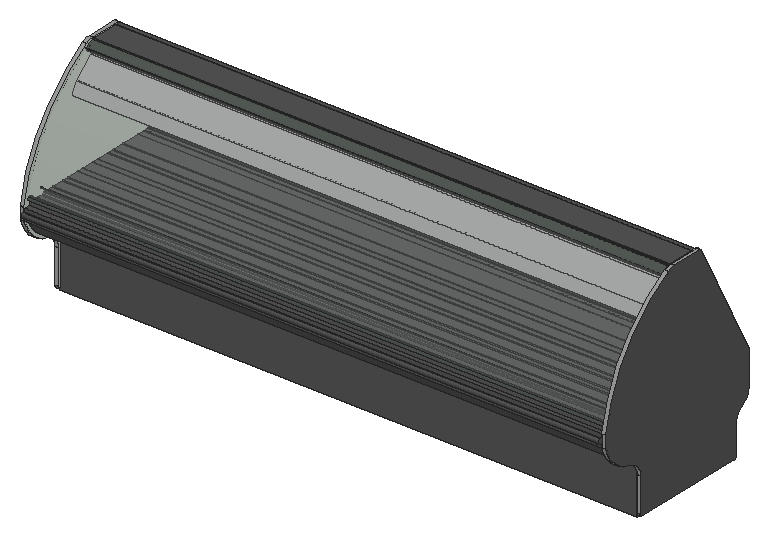
Revit family "ESGM_2014", category Specialty Equipment, Revit 2014 (continued)
Connectors (in)
  piping at (-5.05699, -26.25, 14.2), diameter 1.5, driven by "Waste Drain"
    settings: on Extrusion 1, index 8, connector inside diameter 1 1/4", connector length 0", flow factor 0, pipe flow 0 GPM, pressure drop 0.00 psi, fitting loss kfactor 0, connector angle 0.00°, fixture units 0, engagement length 0", angle of deflection 0.00°, flow configuration 0, flow direction 0, fitting loss method 0, system type 16, joint type 0, gender type 0, connector reference index -1, connector utility 0, adjustable connector no, is connector primary yes, connector description "1 1/4\""
  piping at (58.63051, -29.375, 0), diameter 0.625, driven by "Refrig. Suction", driven by "Refrigeration Lines Suction"
    settings: on Extrusion 2, index 9, connector inside diameter 7/8", connector length 0", flow factor 0, pipe flow 0 GPM, pressure drop 0.00 psi, fitting loss kfactor 0, connector angle 0.00°, fixture units 0, engagement length 0", angle of deflection 0.00°, flow configuration 0, flow direction 2, fitting loss method 0, system type 22, joint type 0, gender type 0, connector reference index -1, connector utility 0, adjustable connector no, is connector primary no, connector description "Suction"
  piping at (59.13051, -29.375, 0), diameter 0.375, driven by "Refrig. Liquid", driven by "Refrigeration Lines Liquid"
    settings: on Extrusion 3, index 10, connector inside diameter 3/8", connector length 0", flow factor 0, pipe flow 0 GPM, pressure drop 0.00 psi, fitting loss kfactor 0, connector angle 0.00°, fixture units 0, engagement length 0", angle of deflection 0.00°, flow configuration 0, flow direction 1, fitting loss method 0, system type 22, joint type 0, gender type 0, connector reference index -1, connector utility 0, adjustable connector no, is connector primary no, connector description "Liquid"
Definition of nested family "Floor Support - E Series"
  Parameters (values of type "Floor Support - E Series")
    Width = 4"
    URL = "www.hussmann.com"
    Type Comments = ""
    Revit Family Date = "5/12/2016"
    Model = ""
    Manufacturer = "Hussmann Corporation"
    Height = 15.4495"
    Floor Support = none
    Description = ""
    Depth = 26.382"
    Assembly Code = ""
    Accessories/Options = ""
  Reference planes (in)
    plane 1 "Back": y = -2.993
    plane 2 "Bottom": z = 0
    plane 3 "Top": z = 15.4495
    plane 4 "Front": y = -29.375
    plane 5 "Center (Left/Right)": x = -0.61949
    plane 6 "Left": x = -2.61949
    plane 7 "Right": x = 1.38051
  Forms (in)
    Extrusion 1, solid, material <- "Floor Support"
      sketch origin (0, 0, 0) x (1, 0, 0) y (0, 1, 0)
        loop
          line (-2.61949, -6.062) -> (-2.61949, -6.187) -> (-1.74449, -6.187) -> (-1.74449, -3.118) -> (0.50551, -3.118) -> (0.50551, -6.187) -> (1.38051, -6.187) -> (1.38051, -6.062) -> (0.63051, -6.062) -> (0.63051, -2.993) -> (-1.86949, -2.993) -> (-1.86949, -6.062) -> (-2.61949, -6.062)
        loop
          line (-2.61949, -26.306) -> (-1.86949, -26.306) -> (-1.86949, -29.375) -> (0.63051, -29.375) -> (0.63051, -26.306) -> (1.38051, -26.306) -> (1.38051, -26.181) -> (0.50551, -26.181) -> (0.50551, -29.25) -> (-1.74449, -29.25) -> (-1.74449, -26.181) -> (-2.61949, -26.181) -> (-2.61949, -26.306)
      from 0.6875 to 15.4495
    Extrusion 2, solid, material <- "Floor Support"
      sketch origin (0, 0, 0) x (1, 0, 0) y (0, 1, 0)
        loop
          circle (-0.61949, -3.519) r 0.3125
        loop
          circle (-0.61949, -28.592) r 0.3125
      from 0 to 0.5625
    Extrusion 3, solid, material <- "Floor Support"
      sketch origin (0, 0, 0) x (1, 0, 0) y (0, 1, 0)
        loop
          circle (-0.61949, -28.592) r 0.5
        loop
          circle (-0.61949, -3.519) r 0.5
      from 0.5625 to 0.6875
    Extrusion 4, solid, material <- "Floor Support"
      sketch origin (0, 0, 0) x (1, 0, 0) y (0, 1, 0)
        loop
          line (-1.74449, -3.118) -> (-1.74449, -29.25) -> (0.50551, -29.25) -> (0.50551, -3.118) -> (-1.74449, -3.118)
      from 12.56949 to 15.4495
  Dimensions and locks (in)
    "Depth": plane 4 "Front" to plane 1 "Back"
    "Height": plane 3 "Top" to level
    equal spacing: plane 6 "Left", plane 5 "Center (Left/Right)", plane 7 "Right"
    "Width": plane 6 "Left" to plane 7 "Right"
    aligned and locked: Extrusion 4 to plane 3 "Top"
    aligned and locked: Extrusion 1 to plane 3 "Top"
  Automatic sketch dimensions
    plane 1 "Back" to Extrusion 1 sketch curve = 0"
    Extrusion 1 sketch curve to Extrusion 1 sketch curve = 1/8"  (x9)
    plane 1 "Back" to Extrusion 1 sketch curve = 1/8"
    Extrusion 1 sketch curve to Extrusion 1 sketch curve = 0"  (x2)
    Extrusion 1 sketch curve to plane 6 "Left" = 0"  (x2)
    plane 6 "Left" to Extrusion 1 sketch curve = 3/4"  (x2)
    Extrusion 1 sketch curve to plane 7 "Right" = 0"  (x2)
    Extrusion 1 sketch curve to plane 7 "Right" = 7/8"
    Extrusion 1 sketch curve to Extrusion 1 sketch curve = 7/8"
    Extrusion 3 sketch curve to plane 5 "Center (Left/Right)" = 0"  (x2)
    plane 4 "Front" to Extrusion 4 sketch curve = 1/8"
    plane 6 "Left" to Extrusion 4 sketch curve = 7/8"
    Extrusion 4 sketch curve to plane 7 "Right" = 7/8"
    plane 1 "Back" to Extrusion 4 sketch curve = 1/8"
    Extrusion 1 sketch curve to plane 4 "Front" = 0"
    Extrusion 1 sketch curve to Extrusion 1 sketch curve = 2.944"
    plane 4 "Front" to Extrusion 3 sketch curve = 0.783"
    Extrusion 1 sketch curve to Extrusion 1 sketch curve = 3.069"
    plane 1 "Back" to Extrusion 3 sketch curve = 0.526"
    radius of Extrusion 3 sketch curve = 1/2"  (x2)
Definition of nested family "Service Doors - 117deg - 48"
  Parameters (values of type "Service Doors - 117deg - 48")
    Glazing = Glass
    Door Frame = none
  Reference planes (in)
    plane 1 "Center (Front/Back)": y = 25.29918
    plane 2: z = 0
    plane 3 "Center (Left/Right)": x = 0
  Forms (in)
    Sweep 1, solid, material <- "Door Frame"
      path in 3D
        loop
          line (48, 12.47395, 49.89806) -> (0, 12.47395, 49.89806) -> (0, 25.29918, 24.72713) -> (48, 25.29918, 24.72713) -> (48, 12.47395, 49.89806)
      profile origin (24, 12.47395, 49.89806) x (0, -0.999433, -0.03367) y (0, -0.03367, 0.999433)
        loop
          line (0.21162, -0.099) -> (0, 0) -> (-0.6356, -1.35868) -> (1.40139, -2.3116) -> (1.82513, -1.40581) -> (0.01501, -0.55903) -> (0.21162, -0.099)
    Extrusion 2, solid, material <- "Door Frame"
      sketch origin (1.5, 11.15118, 47.54059) x (0, 0.45399, -0.891007) y (0, 0.891007, 0.45399)
        loop
          line (0, 0.25) -> (25.25, 0.25) -> (25.25, 1.0625) -> (0, 1.0625) -> (0, 0.25)
      from 0 to 23
    Extrusion 3, solid, material <- "Door Frame"
      sketch origin (46.5, 22.61444, 25.04267) x (0, -0.45399, 0.891007) y (0, 0.891007, 0.45399)
        loop
          line (25.25, 1.875) -> (0, 1.875) -> (0, 1.0625) -> (25.25, 1.0625) -> (25.25, 1.875)
      from 0 to 23
    Extrusion 4, void
      sketch origin (46.5, 13.11976, 47.80708) x (0, -0.45399, 0.891007) y (-1, 0, 0)
        loop
          line (-23.09373, 21.5) -> (-23.09373, 1.5) -> (-0.84373, 1.5) -> (-0.84373, 21.5) -> (-23.09373, 21.5)
      from 0 to 0.8125
    Extrusion 5, void
      sketch origin (1.5, 11.1405, 48.11223) x (0, -0.45399, 0.891007) y (1, 0, 0)
        loop
          line (-2.01418, 21.5) -> (-24.26418, 21.5) -> (-24.26418, 1.5) -> (-2.01418, 1.5) -> (-2.01418, 21.5)
      from 0 to 0.8125
    Extrusion 6, solid, material "Glass" <- "Glazing"
      sketch origin (25, 24.28508, 25.8939) x (0, -0.45399, 0.891007) y (0, -0.891007, -0.45399)
        loop
          line (1.5, 0.1875) -> (25.25, 0.1875) -> (25.25, 0.625) -> (1.5, 0.625) -> (1.5, 0.1875)
      from 0 to 20
    Extrusion 7, solid, material "Glass" <- "Glazing"
      sketch origin (23, 11.37393, 47.65408) x (0, 0.45399, -0.891007) y (0, -0.891007, -0.45399)
        loop
          line (1.5, -0.625) -> (25.25, -0.625) -> (25.25, -0.1875) -> (1.5, -0.1875) -> (1.5, -0.625)
      from 0 to 20
  Cuts and joins
    Extrusion 4 cuts Extrusion 3
    Extrusion 5 cuts Extrusion 2
  Lines and regions (in)
    sketch lines
      curve 1: line (48, 25.29918, 24.72713) -> (48, 12.47395, 49.89806)
      curve 2: line (0, 12.47395, 49.89806) -> (0, 25.29918, 24.72713)
      curve 3: line (48, 12.47395, 49.89806) -> (0, 12.47395, 49.89806)
      curve 4: line (48, 25.29918, 24.72713) -> (0, 25.29918, 24.72713)
  Dimensions and locks (in)
    Extrusion 2 to Extrusion 3 = 45"
    plane 3 "Center (Left/Right)" to Sweep 1 = 48"
    Sweep 1 to Sweep 1 = 1 1/2"
    locked: cut or joined group of Extrusion 3, Extrusion 4 to Extrusion 4 sketch curve at 1.5
    locked: Extrusion 5 sketch curve to cut or joined group of Extrusion 2, Extrusion 5 at 1.5
    Sweep 1 to Sweep 1 = 28 1/4"
    locked: cut or joined group of Extrusion 2, Extrusion 5 to Extrusion 5 sketch curve at 1.5  (x2)
    locked: Sweep 1 to Extrusion 5 sketch curve at 1.5
    locked: Extrusion 4 sketch curve to Sweep 1 at 1.5  (x3)
    Sweep 1 to Sweep 1 = 45"
    angle level to Sweep 1 = 117.00°
    aligned and locked: plane 2 to level
    aligned and locked: Extrusion 3 to Sweep 1  (x3)
    aligned and locked: Extrusion 2 to Sweep 1
    aligned and locked: Extrusion 6 to cut or joined group of Extrusion 3, Extrusion 4
    aligned and locked: cut or joined group of Extrusion 3, Extrusion 4 to Extrusion 6
    aligned and locked: cut or joined group of Extrusion 2, Extrusion 5 to Extrusion 7
    aligned and locked: plane 1 "Center (Front/Back)" to Sweep 1
    aligned and locked: Sweep 1 to Extrusion 2 sketch curve  (x2)
    aligned and locked: cut or joined group of Extrusion 2, Extrusion 5 to Extrusion 7 sketch curve
    aligned and locked: Extrusion 7 sketch curve to Sweep 1
    aligned and locked: Sweep 1 to Extrusion 3 sketch curve  (x2)
    aligned and locked: Extrusion 6 sketch curve to Sweep 1
    aligned and locked: Extrusion 6 sketch curve to cut or joined group of Extrusion 3, Extrusion 4
Definition of nested family "Service Doors - 117deg - 72"
  Parameters (values of type "Service Doors - 117deg - 72")
    Glazing = none
    Door Frame = none
  Reference planes (in)
    plane 1 "Center (Front/Back)": y = 25.29918
    plane 2: z = 0
    plane 3 "Center (Left/Right)": x = 0
  Forms (in)
    Sweep 1, solid, material <- "Door Frame"
      path in 3D
        loop
          line (72, 12.47395, 49.89806) -> (0, 12.47395, 49.89806) -> (0, 25.29918, 24.72713) -> (72, 25.29918, 24.72713) -> (72, 12.47395, 49.89806)
      profile origin (36, 12.47395, 49.89806) x (0, -0.999433, -0.03367) y (0, -0.03367, 0.999433)
        loop
          line (0.21162, -0.099) -> (0, 0) -> (-0.6356, -1.35868) -> (1.40139, -2.3116) -> (1.82513, -1.40581) -> (0.01501, -0.55903) -> (0.21162, -0.099)
    Extrusion 2, solid, material <- "Door Frame"
      sketch origin (1.5, 11.15118, 47.54059) x (0, 0.45399, -0.891007) y (0, 0.891007, 0.45399)
        loop
          line (0, 0.25) -> (25.25, 0.25) -> (25.25, 1.0625) -> (0, 1.0625) -> (0, 0.25)
      from 0 to 35
    Extrusion 3, solid, material <- "Door Frame"
      sketch origin (70.5, 22.61444, 25.04267) x (0, -0.45399, 0.891007) y (0, 0.891007, 0.45399)
        loop
          line (25.25, 1.875) -> (0, 1.875) -> (0, 1.0625) -> (25.25, 1.0625) -> (25.25, 1.875)
      from 0 to 35
    Extrusion 4, void
      sketch origin (70.5, 13.11976, 47.80708) x (0, -0.45399, 0.891007) y (-1, 0, 0)
        loop
          line (-23.09373, 33.5) -> (-23.09373, 1.5) -> (-0.84373, 1.5) -> (-0.84373, 33.5) -> (-23.09373, 33.5)
      from 0 to 0.8125
    Extrusion 5, void
      sketch origin (1.5, 11.1405, 48.11223) x (0, -0.45399, 0.891007) y (1, 0, 0)
        loop
          line (-2.01418, 33.5) -> (-24.26418, 33.5) -> (-24.26418, 1.5) -> (-2.01418, 1.5) -> (-2.01418, 33.5)
      from 0 to 0.8125
    Extrusion 6, solid, material <- "Glazing"
      sketch origin (37, 24.28508, 25.8939) x (0, -0.45399, 0.891007) y (0, -0.891007, -0.45399)
        loop
          line (1.5, 0.1875) -> (25.25, 0.1875) -> (25.25, 0.625) -> (1.5, 0.625) -> (1.5, 0.1875)
      from 0 to 32
    Extrusion 7, solid, material <- "Glazing"
      sketch origin (35, 11.37393, 47.65408) x (0, 0.45399, -0.891007) y (0, -0.891007, -0.45399)
        loop
          line (1.5, -0.625) -> (25.25, -0.625) -> (25.25, -0.1875) -> (1.5, -0.1875) -> (1.5, -0.625)
      from 0 to 32
  Cuts and joins
    Extrusion 4 cuts Extrusion 3
    Extrusion 5 cuts Extrusion 2
  Lines and regions (in)
    sketch lines
      curve 1: line (72, 25.29918, 24.72713) -> (72, 12.47395, 49.89806)
      curve 2: line (0, 12.47395, 49.89806) -> (0, 25.29918, 24.72713)
      curve 3: line (72, 12.47395, 49.89806) -> (0, 12.47395, 49.89806)
      curve 4: line (72, 25.29918, 24.72713) -> (0, 25.29918, 24.72713)
  Dimensions and locks (in)
    Extrusion 2 to Extrusion 3 = 69"
    plane 3 "Center (Left/Right)" to Sweep 1 = 72"
    Sweep 1 to Sweep 1 = 1 1/2"
    locked: cut or joined group of Extrusion 3, Extrusion 4 to Extrusion 4 sketch curve at 1.5
    locked: Extrusion 5 sketch curve to cut or joined group of Extrusion 2, Extrusion 5 at 1.5
    Sweep 1 to Sweep 1 = 28 1/4"
    locked: cut or joined group of Extrusion 2, Extrusion 5 to Extrusion 5 sketch curve at 1.5  (x2)
    locked: Sweep 1 to Extrusion 5 sketch curve at 1.5
    locked: Extrusion 4 sketch curve to Sweep 1 at 1.5  (x3)
    Sweep 1 to Sweep 1 = 69"
    angle level to Sweep 1 = 117.00°
    aligned and locked: plane 2 to level
    aligned and locked: Extrusion 3 to Sweep 1  (x3)
    aligned and locked: Extrusion 2 to Sweep 1
    aligned and locked: Extrusion 6 to cut or joined group of Extrusion 3, Extrusion 4
    aligned and locked: cut or joined group of Extrusion 3, Extrusion 4 to Extrusion 6
    aligned and locked: cut or joined group of Extrusion 2, Extrusion 5 to Extrusion 7
    aligned and locked: plane 1 "Center (Front/Back)" to Sweep 1
    aligned and locked: Sweep 1 to Extrusion 2 sketch curve  (x2)
    aligned and locked: cut or joined group of Extrusion 2, Extrusion 5 to Extrusion 7 sketch curve
    aligned and locked: Extrusion 7 sketch curve to Sweep 1
    aligned and locked: Sweep 1 to Extrusion 3 sketch curve  (x2)
    aligned and locked: Extrusion 6 sketch curve to Sweep 1
    aligned and locked: Extrusion 6 sketch curve to cut or joined group of Extrusion 3, Extrusion 4
Definition of nested family "Light"
  Parameters (values of type "Light")
    Wattage = 16.1571 W
    built-in parameter 1150110 = 1 (stored number, unit not read)
    built-in parameter 1114217 = 1 (stored number, unit not read)
    built-in parameter 1150109 = 1 (stored number, unit not read)
    built-in parameter 1150134 = (empty or 0)
    built-in parameter 1150113 = 1 (stored number, unit not read)
    Lumens = 2400 lm
    built-in parameter 1150115 = 1 (stored number, unit not read)
    built-in parameter 1150105 = 763.94 (stored number, unit not read)
    Light Source Symbol Size = 24"
    built-in parameter 1150137 = (empty or 0)
    built-in parameter 1150139 = (empty or 0)
    Lense = none
    Length = 144"
    built-in parameter 1150112 = 1 (stored number, unit not read)
    built-in parameter 1150114 = 1 (stored number, unit not read)
    built-in parameter 1150132 = 2
    built-in parameter 1150102 = (empty or 0)
    built-in parameter 1150138 = (empty or 0)
    built-in parameter 1150107 = 6100 (stored number, unit not read)
    built-in parameter 1150106 = 7.6394 (stored number, unit not read)
    Emit from Line Length = Length  # 144"
    built-in parameter 1150104 = 13.8 (stored number, unit not read)
    Dimming Lamp Color Temperature Shift = (empty or 0)
    Color Filter = 16777215
    Casing = none
    built-in parameter 1114218 = 1 (stored number, unit not read)
    built-in parameter 1150133 = 10 (stored number, unit not read)
  Reference planes (in)
    plane 1 "Light Source Axis (F/B)": y = -8.60801
    plane 2: z = 0
    plane 3 "Light Source Axis (L/R)": x = 0
    plane 4 "Light Source Elevation": z = 52.5
    plane 5: z = 0
    plane 6 "Left": x = -72
    plane 7 "Right": x = 72
  Lines and regions (in)
    model lines
      curve 1: line (-72, -8.60801, 52.5) -> (72, -8.60801, 52.5)
  Dimensions and locks (in)
    equal spacing: plane 7 "Right", plane 3 "Light Source Axis (L/R)", plane 6 "Left"
    "Length": plane 7 "Right" to plane 6 "Left"
    aligned and locked: plane 3 "Light Source Axis (L/R)" to imposter light
    aligned and locked: plane 1 "Light Source Axis (F/B)" to imposter light
    aligned and locked: plane 4 "Light Source Elevation" to imposter light
    aligned and locked: level to plane 5
  Automatic sketch dimensions
    plane 1 "Light Source Axis (F/B)" to curve 1 = 0"
    curve 1 to plane 6 "Left" = 0"
    curve 1 to plane 7 "Right" = 0"
Types (4): name | Width | Total Weight | Number of Supports | Location of Drain | Cutsheet URL | Case Weight | 8 Case | 6 Case | 4 Case | 12 Case
  12'-0" Length | 144 1/2" | 1400.00 lbf | 4 | 72 1/4" | "http://www.hussmann.com/en/Technical%20Documents/0522417_C_ESGM.pdf" | 1200.00 lbf | no | no | no | yes
  6'-0" Length | 72 3/8" | 900.00 lbf | 3 | 24 1/8" | "http://www.hussmann.com/en/Technical%20Documents/0522404_B_ESGM.pdf" | 700.00 lbf | no | yes | no | no
  8'-0" Length | 96 3/8" | 1300.00 lbf | 3 | 24 1/8" | "http://www.hussmann.com/en/Technical%20Documents/0522417_C_ESGM.pdf" | 1100.00 lbf | yes | no | no | no
  4'-0" Length | 48 1/4" | 800.00 lbf | 2 | 24 1/8" | "http://www.hussmann.com/en/Technical%20Documents/0522404_B_ESGM.pdf" | 600.00 lbf | no | no | yes | no
